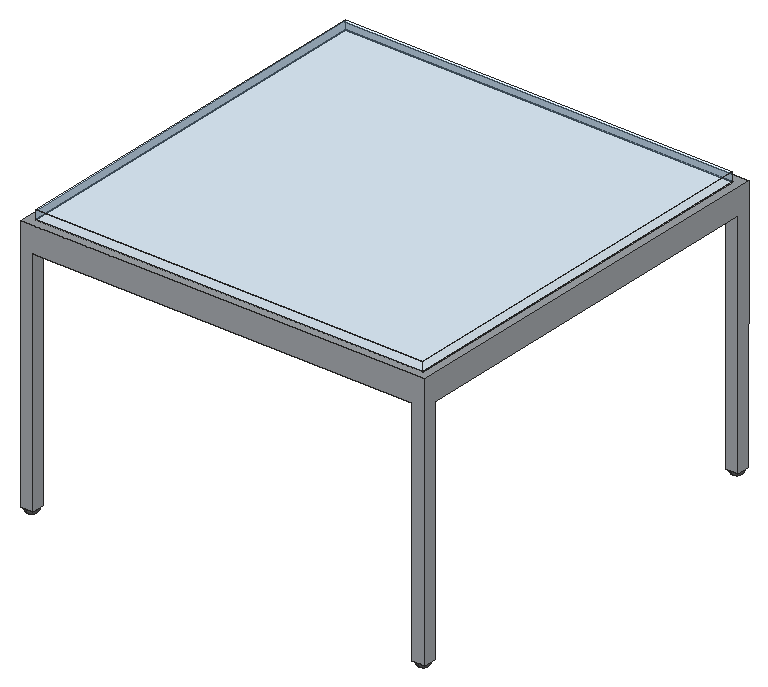
Revit family
Parameters
  URL = "http://www.martinbrattrud.com"
  Table Top Laminate [instance] = none
  Table Top [instance] = none
  SCS Certified Product = "Yes"
  Model = "Braemar 784-24SL"
  Manufacturer = "Martin Brattrud, Inc."
  Leg [instance] = none
  Keynote = "125000"
  Foot [instance] = none
  Copyright = "© 2013 Martin Brattrud, Inc."
  Authoring Version = "Revit Architecture 2010"
  Assembly Code = "E2020200"
Reference planes (in)
  plane 1 "Center Front/Back": y = 0
  plane 2: z = 0
  plane 3 "Center Left/Right": x = 0
Forms (in)
  Extrusion 1, solid, material <- "Table Top"
    sketch origin (0, 0, 0) x (1, 0, 0) y (0, 1, 0)
      loop
        line (-11.5, 11.5) -> (-11.5, -11.5) -> (11.5, -11.5) -> (11.5, 11.5) -> (-11.5, 11.5)
    from 15.5 to 16
  Extrusion 2, solid, material <- "Leg"
    sketch origin (0, 0, 0) x (0, 1, 0) y (0, 0, 1)
      loop
        line (12, 15.5) -> (11.25, 15.5) -> (11.25, 13.975) -> (12, 13.975) -> (12, 15.5)
      loop
        line (-12, 15.5) -> (-12, 13.975) -> (-11.25, 13.975) -> (-11.25, 15.5) -> (-12, 15.5)
    from -11.24916 to 11.25
  Revolve 3, solid, material <- "Foot"
    sketch origin (-11.62195, 7.25085, 47.97762) x (0, -1, 0) y (0, 0, -1)
      loop
        line (19.00198, 48) -> (18.8767, 48) -> (18.8767, 47.75) -> (19.2517, 47.75)
        arc (19.2517, 47.75) -> (19.17858, 47.92668) -> (19.00198, 48) r 0.25
      axis (18.8767, 48) -> (18.8767, 47.75)
    angle from 0 to 360
  Extrusion 4, solid, material <- "Leg"
    sketch origin (0, 0, 0) x (0, 1, 0) y (0, 0, 1)
      loop
        line (12, 0.25) -> (12, 15.5) -> (-12, 15.5) -> (-12, 0.25) -> (-11.25, 0.25) -> (-11.25, 13.975) -> (11.25, 13.975) -> (11.25, 0.25) -> (12, 0.25)
    from 11.24916 to 12
  Extrusion 5, solid, material <- "Leg"
    sketch origin (0, 0, 0) x (0, 1, 0) y (0, 0, -1)
      loop
        line (12, -0.25) -> (11.25, -0.25) -> (11.25, -13.975) -> (-11.25, -13.975) -> (-11.25, -0.25) -> (-12, -0.25) -> (-12, -15.5) -> (12, -15.5) -> (12, -0.25)
    from 11.24916 to 12
  Revolve 6, solid, material <- "Foot"
    sketch origin (-11.62195, -7.25085, 47.97762) x (0, 1, 0) y (0, 0, 1)
      loop
        arc (19.00198, -48) -> (19.17858, -47.92668) -> (19.2517, -47.75) r 0.25
        line (19.2517, -47.75) -> (18.8767, -47.75) -> (18.8767, -48) -> (19.00198, -48)
      axis (18.8767, -48) -> (18.8767, -47.75)
    angle from 0 to 360
  Revolve 7, solid, material <- "Foot"
    sketch origin (11.62195, 7.25085, 47.97762) x (0, -1, 0) y (0, 0, 1)
      loop
        arc (19.00198, -48) -> (19.17858, -47.92668) -> (19.2517, -47.75) r 0.25
        line (19.2517, -47.75) -> (18.8767, -47.75) -> (18.8767, -48) -> (19.00198, -48)
      axis (18.8767, -48) -> (18.8767, -47.75)
    angle from 0 to 360
  Revolve 8, solid, material <- "Foot"
    sketch origin (11.62195, -7.25085, 47.97762) x (0, 1, 0) y (0, 0, -1)
      loop
        line (19.00198, 48) -> (18.8767, 48) -> (18.8767, 47.75) -> (19.2517, 47.75)
        arc (19.2517, 47.75) -> (19.17858, 47.92668) -> (19.00198, 48) r 0.25
      axis (18.8767, 48) -> (18.8767, 47.75)
    angle from 0 to 360
  Extrusion 9, void
    sketch origin (0, 0, 0) x (1, 0, 0) y (0, 1, 0)
      loop
        line (-11.5, 11.5) -> (-11.5, -11.5) -> (11.5, -11.5) -> (11.5, 11.5) -> (-11.5, 11.5)
    from 15.5 to 15
  Extrusion 10, solid, material <- "Table Top Laminate"
    sketch origin (0, 0, 0) x (1, 0, 0) y (0, 1, 0)
      loop
        line (-11.5, 11.5) -> (-11.5, -11.5) -> (11.5, -11.5) -> (11.5, 11.5) -> (-11.5, 11.5)
    from 15.5 to 15
Cuts and joins
  Extrusion 9 cuts Extrusion 2
  Extrusion 9 cuts Extrusion 4
  Extrusion 9 cuts Extrusion 5
  joined: Extrusion 2, Extrusion 4, Extrusion 5
  Extrusion 9 cuts Extrusion 1
